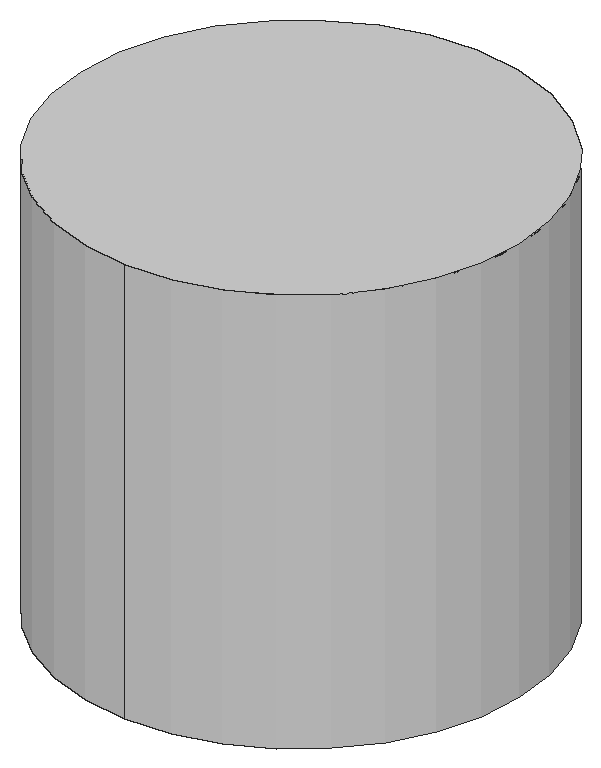
Revit family "Lum_Teto_Spot_Sobrepor", category Lighting Fixtures, host Ceiling, Revit 2025
Family settings
  Host = Ceiling
  Round Connector Dimension = Use Diameter
  Part Type = Normal
  OmniClass Number = 23.80.70.11
  OmniClass Title = Luminaries for Internal Lighting
  Always vertical = Yes
  Cut with Voids When Loaded = No
  Light Source = Yes
  Maintain Annotation Orientation = No
  Shared = No
  Room Calculation Point = No
Parameters (values of type "Luminária_Tubular_1_Lâmpada")
  Wattage = 9.2903 W
  built-in parameter 1150110 = 1 (stored number, unit not read)
  built-in parameter 1114217 = 1 (stored number, unit not read)
  built-in parameter 1150109 = 1 (stored number, unit not read)
  Lumi_Material = Material_Corpo_Luminaria
  Lumi_Raio_Interno = Lumi_Raio - 10 mm  # 44 mm
  Lumi_Raio = 54 mm
  Lumi_Altura = 100 mm
  Default Elevation = 0 mm
  built-in parameter 1150134 = (empty or 0)
  built-in parameter 1150113 = 1 (stored number, unit not read)
  Lumens = 1380 lm
  built-in parameter 1150115 = 1 (stored number, unit not read)
  built-in parameter 1150105 = 439.27 (stored number, unit not read)
  Light Source Symbol Size = Lumi_Raio_Interno * 2  # 88 mm
  built-in parameter 1150137 = (empty or 0)
  built-in parameter 1150139 = (empty or 0)
  built-in parameter 1150112 = 1 (stored number, unit not read)
  built-in parameter 1150114 = 1 (stored number, unit not read)
  built-in parameter 1150132 = 2
  built-in parameter 1150102 = (empty or 0)
  built-in parameter 1150138 = (empty or 0)
  built-in parameter 1150107 = 3000 (stored number, unit not read)
  built-in parameter 1150106 = 4.3927 (stored number, unit not read)
  built-in parameter 1150104 = 13.8 (stored number, unit not read)
  Dimming Lamp Color Temperature Shift = <None>
  Color Filter = 16777215
  built-in parameter 1114218 = 1 (stored number, unit not read)
  built-in parameter 1150133 = 10 (stored number, unit not read)
Reference planes
  plane 1 "Eixo de origem da luz (F/T)": y = 0
  plane 2: z = 0
  plane 3 "Eixo de origem da luz (E/D)": x = 0
  plane 4 "Forro": z = 4000
  plane 5 "Elevação da origem da luz": z = 3900
Forms (mm)
  Extrusion 1, solid, material "Material_Corpo_Luminaria" <- "Lumi_Material"
    sketch origin (0, 0, 4000) x (0, 1, 0) y (-1, 0, 0)
      loop
        circle (0, 0) r 54
    from 0 to -100
  Extrusion 2, void
    sketch origin (0, 0, 4000) x (0, 1, 0) y (-1, 0, 0)
      loop
        circle (0, 0) r 44
    from -8.585 to -100
Cuts and joins
  Extrusion 2 cuts Extrusion 1
Dimensions and locks
  equal spacing: host sketch curve, plane 3 "Eixo de origem da luz (E/D)", host sketch curve
  equal spacing: host sketch curve, plane 1 "Eixo de origem da luz (F/T)", host sketch curve
  host sketch curve to host sketch curve = 4000 mm  (x2)
  plane 4 "Forro" to host ceiling = 0 mm
  "Lumi_Altura": plane 5 "Elevação da origem da luz" to plane 4 "Forro"
  "Lumi_Raio": radius of Extrusion 1 sketch curve
  "Lumi_Raio_Interno": radius of Extrusion 2 sketch curve
  aligned and locked: plane 3 "Eixo de origem da luz (E/D)" to imposter light
  aligned and locked: plane 1 "Eixo de origem da luz (F/T)" to imposter light
  aligned and locked: plane 5 "Elevação da origem da luz" to imposter light
  aligned and locked: plane 5 "Elevação da origem da luz" to Extrusion 1
  aligned and locked: Extrusion 2 to imposter light
Automatic sketch dimensions
  plane 1 "Eixo de origem da luz (F/T)" to Extrusion 2 sketch curve = 0 mm
  Extrusion 2 sketch curve to plane 3 "Eixo de origem da luz (E/D)" = 0 mm
  plane 1 "Eixo de origem da luz (F/T)" to Extrusion 1 sketch curve = 0 mm
  Extrusion 1 sketch curve to plane 3 "Eixo de origem da luz (E/D)" = 0 mm
